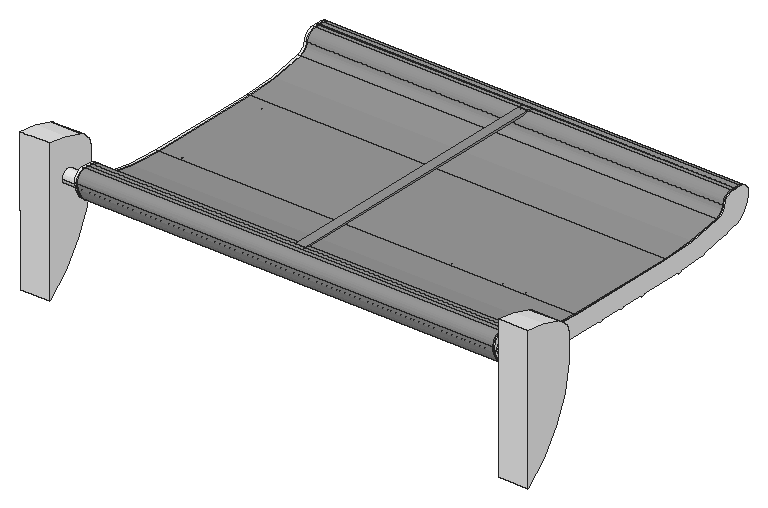
Revit family "DAN DRYER 659-Changing Table", category Casework, host Wall, Revit 2018
Family settings
  Host = Wall
  OmniClass Number = 23.40.35.00
  OmniClass Title = Casework
  Always vertical = Yes
  Cut with Voids When Loaded = No
  Shared = No
  Room Calculation Point = No
Parameters (values of type "DAN DRYER 659")
  URL = "https://www.dandryer.com/"
  Opening Angle [instance] = 90.00°
  Model = "659-DAN DRYER BABY CHANGING STATION WITH BELT"
  Manufacturer = "DAN DRYER"
  Description = "https://www.dandryer.com/Files/Billeder/PDF/Datablade/Nye/Data%20sheet%20DAN%20DRYER%20baby%20changing%20station%20659-660.pdf"
Reference planes
  plane 1: y = 0
  plane 2 "Center (Left/Right)": x = 125
  plane 3 "Back": y = 75
Text (mm)
  text "Placement side" at (-1343.702, 674.496, 0), in view "Ref. Level"
  text "Placement side" at (0, 1232.041, 2958.779), in view "Left"
  text "Placement side" at (0, 590.385, 3035.99), in view "Right"
Dimensions and locks
  locked: plane 3 "Back" to host wall at 0
  aligned and locked: plane 1 to host wall
  aligned and locked: nested 1 to plane 2 "Center (Left/Right)"
  aligned and locked: nested 1 to plane 3 "Back"
Nested families
  nested 1: "DAN DRYER 659" at (125, 75, 1100) x (-1, 0, 0) z (0, 0, 1), type "DAN DRYER 659"
    with Safe opening angle 90.00°, Opening Angle 90.00°
Definition of nested family "DAN DRYER 659"
  Parameters (values of type "DAN DRYER 659")
    Stainless steel = none
    Seating = none
    Safe opening angle [instance] = if(Opening Angle < 0.00°, 0.00°, if(Opening Angle > 90.00°, 90.00°, Opening Angle))  # 90.00°
    Opening Angle = 180.00°
    Belt = none
  Reference planes
    plane 1 "Center (Front/Back)": y = 0
    plane 2: z = 0
    plane 3 "Center (Left/Right)": x = 0
    plane 4: y = -41.468
  Forms (mm)
    Extrusion 1, solid, material <- "Stainless steel"
      sketch origin (0, 0, 0) x (0, 1, 0) y (0, 0, 1)
        loop
          line (-1, -195.833) -> (-1, 72.641)
          arc (-1, 72.641) -> (-37.709, 67.463) -> (-73.246, 56.906) r 249.607
          arc (-73.246, 56.906) -> (-89.546, 45.322) -> (-98.124, 27.258) r 39.671
          arc (-98.124, 27.258) -> (-78.711, -96.978) -> (-1, -195.833) r 248.676
      from -482 to -425.5
    Extrusion 2, solid, material <- "Stainless steel"
      sketch origin (0, 0, 0) x (0, 1, 0) y (0, 0, 1)
        loop
          line (-1, -195.833) -> (-1, 72.641)
          arc (-1, 72.641) -> (-37.709, 67.463) -> (-73.246, 56.906) r 249.607
          arc (-73.246, 56.906) -> (-89.546, 45.322) -> (-98.124, 27.258) r 39.671
          arc (-98.124, 27.258) -> (-78.711, -96.978) -> (-1, -195.833) r 248.676
      from 425.5 to 482
    Extrusion 3, solid, material <- "Stainless steel"
      sketch origin (0, 0, 0) x (0, 1, 0) y (0, 0, 1)
        loop
          circle (-41.468, 0.625) r 12.5
      from -457.5 to 459
  Cuts and joins
    joined: Extrusion 1, Extrusion 2, Extrusion 3
  Lines and regions (mm)
    reference lines
      curve 1: line (0, -41.468, 0) -> (0, -251.468, 0)
  Dimensions and locks
    locked: plane 1 "Center (Front/Back)" to plane 4 at 41.468
    "Safe opening angle": angle curve 1 to plane 4
    aligned and locked: level to plane 2
    aligned and locked: plane 2 to curve 1
    aligned and locked: plane 4 to curve 1
    aligned and locked: nested 1 to plane 3 "Center (Left/Right)"
  Automatic sketch dimensions
    plane 4 to Extrusion 1 sketch curve = 17.689 mm
    plane 1 "Center (Front/Back)" to Extrusion 1 sketch curve = 1 mm
    Extrusion 1 sketch curve to plane 1 "Center (Front/Back)" = 15.407 mm
    level to Extrusion 1 sketch curve = 2.286 mm
    Extrusion 1 sketch curve to plane 1 "Center (Front/Back)" = 149.295 mm
    Extrusion 1 sketch curve to level = 176.427 mm
    Extrusion 1 sketch curve to Extrusion 1 sketch curve = 19.407 mm
    level to Extrusion 1 sketch curve = 19.822 mm
    level to Extrusion 1 sketch curve = 72.641 mm
    Extrusion 1 sketch curve to Extrusion 1 sketch curve = 0 mm
    plane 4 to Extrusion 2 sketch curve = 17.689 mm
    plane 1 "Center (Front/Back)" to Extrusion 2 sketch curve = 1 mm
    Extrusion 2 sketch curve to plane 1 "Center (Front/Back)" = 15.407 mm
    level to Extrusion 2 sketch curve = 2.286 mm
    Extrusion 2 sketch curve to plane 1 "Center (Front/Back)" = 149.295 mm
    Extrusion 2 sketch curve to level = 176.427 mm
    Extrusion 2 sketch curve to Extrusion 2 sketch curve = 19.407 mm
    level to Extrusion 2 sketch curve = 19.822 mm
    level to Extrusion 2 sketch curve = 72.641 mm
    Extrusion 2 sketch curve to Extrusion 2 sketch curve = 0 mm
    Extrusion 3 sketch curve to plane 4 = 0 mm
    level to Extrusion 3 sketch curve = 0.625 mm
    radius of Extrusion 3 sketch curve = 12.5 mm
  Nested families
    nested 1: "659 Seating" at (0, -41.468, 0) x (0, -1, 0) z (0, 0, 1), type "659 Seating"
  Definition of nested family "659 Seating"
    Parameters (values of type "659 Seating")
      Stainless steel = none
      Seating = none
      Default Elevation = 1219.2 mm
      Belt = none
    Reference planes
      plane 1 "Center (Front/Back)": y = 0
      plane 2: z = 0
      plane 3 "Center (Left/Right)": x = 0
    Forms (mm)
      Extrusion 1, solid
        sketch origin (0, 0, 0) x (1, 0, 0) y (0, 1, 0)
          loop
            line (-1219.2, 1219.2) -> (-1219.2, -1219.2) -> (1219.2, -1219.2) -> (1219.2, 1219.2) -> (-1219.2, 1219.2)
        from 0 to -304.8
      Extrusion 2, solid, material <- "Seating"
        sketch origin (1.185, 0, 0) x (-1, 0, 0) y (0, 0, 1)
          loop
            line (-1.727, 22.5) -> (-10.66, 22.5) -> (-11.277, 22) -> (-19.71, 22)
            arc (-19.71, 22) -> (-31.971, 17.778) -> (-39.034, 6.902) r 19.916
            arc (-39.034, 6.902) -> (-43.772, -4.584) -> (-54.34, -11.117) r 20.177
            arc (-54.34, -11.117) -> (-115.299, -22.241) -> (-177.152, -25.967) r 515.272
            line (-177.152, -25.967) -> (-393.026, -25.967)
            arc (-393.026, -25.967) -> (-454.039, -22.344) -> (-514.133, -11.189) r 492.361
            arc (-514.133, -11.189) -> (-524.337, -4.927) -> (-529.118, 6.049) r 19.948
            arc (-529.118, 6.049) -> (-536.203, 17.516) -> (-548.915, 22) r 20.26
            line (-548.915, 22) -> (-556.745, 22) -> (-557.611, 22.5) -> (-567.122, 22.5)
            arc (-567.122, 22.5) -> (-578.421, 18.238) -> (-584.581, 7.85) r 18.239
            arc (-584.581, 7.85) -> (-577.216, -19.975) -> (-555.435, -38.792) r 48.739
            arc (-555.435, -38.792) -> (-554.995, -38.89) -> (-554.662, -38.585) r 0.488
            line (-554.662, -38.585) -> (-553.809, -36.24)
            arc (-553.809, -36.24) -> (-544.43, -39.098) -> (-534.999, -41.777) r 511.436
            arc (-534.999, -41.777) -> (-531.925, -44.25) -> (-528.017, -43.713) r 4.982
            arc (-528.017, -43.713) -> (-504.255, -49.228) -> (-480.304, -53.855) r 654.889
            arc (-480.304, -53.855) -> (-476.951, -55.92) -> (-473.138, -54.935) r 5.027
            arc (-473.138, -54.935) -> (-449.012, -57.949) -> (-424.787, -60.017) r 622.101
            arc (-424.787, -60.017) -> (-421.202, -61.692) -> (-417.499, -60.296) r 5.096
            arc (-417.499, -60.296) -> (-377.503, -61.018) -> (-337.502, -60.989) r 2129.819
            arc (-337.502, -60.989) -> (-333.74, -62.463) -> (-329.988, -60.967) r 5.494
            line (-329.988, -60.967) -> (-287.502, -60.839)
            arc (-287.502, -60.839) -> (-283.761, -62.45) -> (-279.996, -60.897) r 5.243
            arc (-279.996, -60.897) -> (-258.749, -60.967) -> (-237.502, -60.897) r 3230.615
            arc (-237.502, -60.897) -> (-233.74, -62.406) -> (-229.952, -60.967) r 5.57
            arc (-229.952, -60.967) -> (-190.645, -60.983) -> (-151.342, -60.419) r 2659.277
            arc (-151.342, -60.419) -> (-147.498, -61.753) -> (-143.806, -60.044) r 5.432
            arc (-143.806, -60.044) -> (-119.66, -58) -> (-95.617, -54.979) r 597.245
            arc (-95.617, -54.979) -> (-91.656, -55.808) -> (-88.121, -53.837) r 5.78
            arc (-88.121, -53.837) -> (-64.449, -49.237) -> (-40.945, -43.838) r 712.934
            arc (-40.945, -43.838) -> (-36.818, -44.294) -> (-33.56, -41.72) r 5.472
            line (-33.56, -41.72) -> (-14.687, -36.309) -> (-13.792, -39.061)
            arc (-13.792, -39.061) -> (6.711, -22.185) -> (16.162, 2.633) r 51.818
            arc (16.162, 2.633) -> (11.64, 16.549) -> (-1.727, 22.5) r 17.987
        from -395 to 395
      Extrusion 3, solid, material <- "Stainless steel"
        sketch origin (1.185, 0, 0) x (-1, 0, 0) y (0, 0, 1)
          loop
            line (-1.727, 22.5) -> (-10.66, 22.5) -> (-11.277, 22) -> (-19.71, 22)
            arc (-19.71, 22) -> (-31.971, 17.778) -> (-39.034, 6.902) r 19.916
            arc (-39.034, 6.902) -> (-43.772, -4.584) -> (-54.34, -11.117) r 20.177
            arc (-54.34, -11.117) -> (-115.299, -22.241) -> (-177.152, -25.967) r 515.272
            line (-177.152, -25.967) -> (-393.026, -25.967)
            arc (-393.026, -25.967) -> (-454.039, -22.344) -> (-514.133, -11.189) r 492.361
            arc (-514.133, -11.189) -> (-524.337, -4.927) -> (-529.118, 6.049) r 19.948
            arc (-529.118, 6.049) -> (-536.203, 17.516) -> (-548.915, 22) r 20.26
            line (-548.915, 22) -> (-556.745, 22) -> (-557.611, 22.5) -> (-567.122, 22.5)
            arc (-567.122, 22.5) -> (-578.421, 18.238) -> (-584.581, 7.85) r 18.239
            arc (-584.581, 7.85) -> (-577.216, -19.975) -> (-555.435, -38.792) r 48.739
            arc (-555.435, -38.792) -> (-554.995, -38.89) -> (-554.662, -38.585) r 0.488
            line (-554.662, -38.585) -> (-553.809, -36.24)
            arc (-553.809, -36.24) -> (-544.43, -39.098) -> (-534.999, -41.777) r 511.436
            arc (-534.999, -41.777) -> (-531.925, -44.25) -> (-528.017, -43.713) r 4.982
            arc (-528.017, -43.713) -> (-504.255, -49.228) -> (-480.304, -53.855) r 654.889
            arc (-480.304, -53.855) -> (-476.951, -55.92) -> (-473.138, -54.935) r 5.027
            arc (-473.138, -54.935) -> (-449.012, -57.949) -> (-424.787, -60.017) r 622.101
            arc (-424.787, -60.017) -> (-421.202, -61.692) -> (-417.499, -60.296) r 5.096
            arc (-417.499, -60.296) -> (-377.503, -61.018) -> (-337.502, -60.989) r 2129.819
            arc (-337.502, -60.989) -> (-333.74, -62.463) -> (-329.988, -60.967) r 5.494
            line (-329.988, -60.967) -> (-287.502, -60.839)
            arc (-287.502, -60.839) -> (-283.761, -62.45) -> (-279.996, -60.897) r 5.243
            arc (-279.996, -60.897) -> (-258.749, -60.967) -> (-237.502, -60.897) r 3230.615
            arc (-237.502, -60.897) -> (-233.74, -62.406) -> (-229.952, -60.967) r 5.57
            arc (-229.952, -60.967) -> (-190.645, -60.983) -> (-151.342, -60.419) r 2659.277
            arc (-151.342, -60.419) -> (-147.498, -61.753) -> (-143.806, -60.044) r 5.432
            arc (-143.806, -60.044) -> (-119.66, -58) -> (-95.617, -54.979) r 597.245
            arc (-95.617, -54.979) -> (-91.656, -55.808) -> (-88.121, -53.837) r 5.78
            arc (-88.121, -53.837) -> (-64.449, -49.237) -> (-40.945, -43.838) r 712.934
            arc (-40.945, -43.838) -> (-36.818, -44.294) -> (-33.56, -41.72) r 5.472
            line (-33.56, -41.72) -> (-14.687, -36.309) -> (-13.792, -39.061)
            arc (-13.792, -39.061) -> (6.711, -22.185) -> (16.162, 2.633) r 51.818
            arc (16.162, 2.633) -> (11.64, 16.549) -> (-1.727, 22.5) r 17.987
        from 395 to 399.12
      Extrusion 4, solid, material <- "Stainless steel"
        sketch origin (1.185, 0, 0) x (-1, 0, 0) y (0, 0, 1)
          loop
            line (-1.727, 22.5) -> (-10.66, 22.5) -> (-11.277, 22) -> (-19.71, 22)
            arc (-19.71, 22) -> (-31.971, 17.778) -> (-39.034, 6.902) r 19.916
            arc (-39.034, 6.902) -> (-43.772, -4.584) -> (-54.34, -11.117) r 20.177
            arc (-54.34, -11.117) -> (-115.299, -22.241) -> (-177.152, -25.967) r 515.272
            line (-177.152, -25.967) -> (-393.026, -25.967)
            arc (-393.026, -25.967) -> (-454.039, -22.344) -> (-514.133, -11.189) r 492.361
            arc (-514.133, -11.189) -> (-524.337, -4.927) -> (-529.118, 6.049) r 19.948
            arc (-529.118, 6.049) -> (-536.203, 17.516) -> (-548.915, 22) r 20.26
            line (-548.915, 22) -> (-556.745, 22) -> (-557.611, 22.5) -> (-567.122, 22.5)
            arc (-567.122, 22.5) -> (-578.421, 18.238) -> (-584.581, 7.85) r 18.239
            arc (-584.581, 7.85) -> (-577.216, -19.975) -> (-555.435, -38.792) r 48.739
            arc (-555.435, -38.792) -> (-554.995, -38.89) -> (-554.662, -38.585) r 0.488
            line (-554.662, -38.585) -> (-553.809, -36.24)
            arc (-553.809, -36.24) -> (-544.43, -39.098) -> (-534.999, -41.777) r 511.436
            arc (-534.999, -41.777) -> (-531.925, -44.25) -> (-528.017, -43.713) r 4.982
            arc (-528.017, -43.713) -> (-504.255, -49.228) -> (-480.304, -53.855) r 654.889
            arc (-480.304, -53.855) -> (-476.951, -55.92) -> (-473.138, -54.935) r 5.027
            arc (-473.138, -54.935) -> (-449.012, -57.949) -> (-424.787, -60.017) r 622.101
            arc (-424.787, -60.017) -> (-421.202, -61.692) -> (-417.499, -60.296) r 5.096
            arc (-417.499, -60.296) -> (-377.503, -61.018) -> (-337.502, -60.989) r 2129.819
            arc (-337.502, -60.989) -> (-333.74, -62.463) -> (-329.988, -60.967) r 5.494
            line (-329.988, -60.967) -> (-287.502, -60.839)
            arc (-287.502, -60.839) -> (-283.761, -62.45) -> (-279.996, -60.897) r 5.243
            arc (-279.996, -60.897) -> (-258.749, -60.967) -> (-237.502, -60.897) r 3230.615
            arc (-237.502, -60.897) -> (-233.74, -62.406) -> (-229.952, -60.967) r 5.57
            arc (-229.952, -60.967) -> (-190.645, -60.983) -> (-151.342, -60.419) r 2659.277
            arc (-151.342, -60.419) -> (-147.498, -61.753) -> (-143.806, -60.044) r 5.432
            arc (-143.806, -60.044) -> (-119.66, -58) -> (-95.617, -54.979) r 597.245
            arc (-95.617, -54.979) -> (-91.656, -55.808) -> (-88.121, -53.837) r 5.78
            arc (-88.121, -53.837) -> (-64.449, -49.237) -> (-40.945, -43.838) r 712.934
            arc (-40.945, -43.838) -> (-36.818, -44.294) -> (-33.56, -41.72) r 5.472
            line (-33.56, -41.72) -> (-14.687, -36.309) -> (-13.792, -39.061)
            arc (-13.792, -39.061) -> (6.711, -22.185) -> (16.162, 2.633) r 51.818
            arc (16.162, 2.633) -> (11.64, 16.549) -> (-1.727, 22.5) r 17.987
        from -398.987 to -395
      Extrusion 5, solid, material <- "Belt"
        sketch origin (0, 0, 0) x (1, 0, 0) y (0, 1, 0)
          loop
            line (11.845, 8.239) -> (11.845, -10.203) -> (554.993, -10.203) -> (554.993, 8.239) -> (11.845, 8.239)
        from 20 to 22
    Dimensions and locks
      aligned and locked: plane 2 to Extrusion 1
      aligned and locked: level to Extrusion 1
